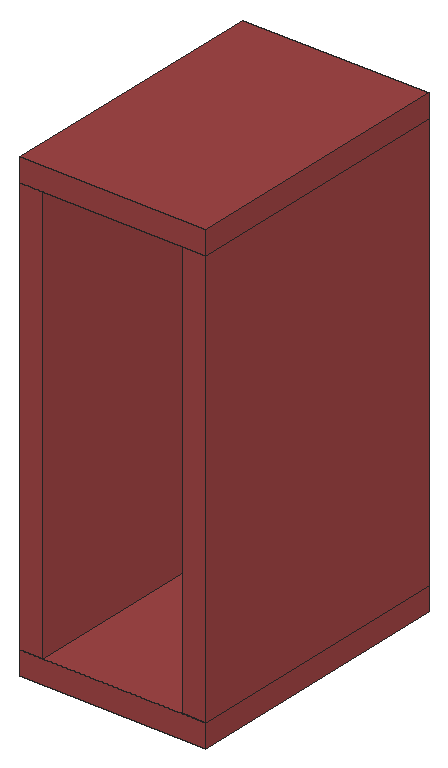
Revit family
Parameters
  profondità c = 600 mm
  materiale = Default
  larghezza c = 400 mm
  altezza cassettiera c = 1000 mm
Reference planes
  plane 1 "Centro (Fronte/Retro)": y = 0
  plane 2: z = 0
  plane 3 "Centro (Sinistra/Destra)": x = 0
  plane 4: x = -200
  plane 5: y = -300
  plane 6: y = 300
  plane 7: x = 200
  plane 8: z = 1000
  plane 9: z = 950
  plane 10: x = -150
  plane 11: y = 250
  plane 12: x = 150
  plane 13: z = 500
  plane 14: z = 50
Forms (mm)
  Extrusion 1, solid, material "Default" <- "materiale"
    sketch origin (0, 0, 0) x (1, 0, 0) y (0, 1, 0)
      loop
        line (-200, 300) -> (-200, -300) -> (200, -300) -> (200, 300) -> (-200, 300)
    from 950 to 1000
  Extrusion 2, solid, material "Default" <- "materiale"
    sketch origin (0, 0, 0) x (1, 0, 0) y (0, 1, 0)
      loop
        line (-200, 300) -> (-200, -300) -> (-150, -300) -> (-150, 300) -> (-200, 300)
    from 50 to 950
  Extrusion 3, solid, material "Default" <- "materiale"
    sketch origin (0, 0, 0) x (1, 0, 0) y (0, 1, 0)
      loop
        line (-150, 300) -> (-150, 250) -> (150, 250) -> (150, 300) -> (-150, 300)
    from 50 to 950
  Extrusion 4, solid, material "Default" <- "materiale"
    sketch origin (0, 0, 0) x (1, 0, 0) y (0, 1, 0)
      loop
        line (150, 300) -> (150, -300) -> (200, -300) -> (200, 300) -> (150, 300)
    from 50 to 950
  Extrusion 5, solid, material "Default" <- "materiale"
    sketch origin (0, 0, 0) x (1, 0, 0) y (0, 0, 1)
      loop
        line (-200, 50) -> (-200, 0) -> (200, 0) -> (200, 50) -> (-200, 50)
    from -300 to 300
Dimensions and locks
  "altezza cassettiera c": plane 8 to level
  "profondità c": plane 6 to plane 5
  "larghezza c": plane 4 to plane 7
  locked: plane 8 to plane 9 at 50
  locked: plane 10 to plane 4 at 50
  locked: plane 7 to plane 12 at 50
  locked: plane 14 to level at 50
  aligned and locked: plane 6 to Extrusion 1
  aligned and locked: Extrusion 1 to plane 5
  aligned and locked: plane 8 to Extrusion 1
  aligned and locked: plane 9 to Extrusion 1
  aligned and locked: plane 4 to Extrusion 2 sketch curve
  aligned and locked: Extrusion 3 sketch curve to Extrusion 1
  aligned and locked: Extrusion 3 sketch curve to plane 12
  aligned and locked: Extrusion 4 sketch curve to plane 6
  aligned and locked: Extrusion 4 sketch curve to Extrusion 1
  aligned and locked: plane 12 to Extrusion 4 sketch curve
  aligned and locked: plane 5 to Extrusion 4 sketch curve
  aligned and locked: Extrusion 2 to Extrusion 1
  aligned and locked: Extrusion 4 to Extrusion 1
  aligned and locked: Extrusion 3 to Extrusion 1
  aligned and locked: Extrusion 5 to plane 4
  aligned and locked: Extrusion 5 to Extrusion 3
  aligned and locked: plane 6 to Extrusion 5
  aligned and locked: Extrusion 5 to plane 5
  aligned and locked: Extrusion 3 to plane 11
  aligned and locked: Extrusion 1 to plane 8  (x2)
  aligned and locked: Extrusion 5 to level  (x2)
  aligned and locked: Extrusion 3 to plane 9
  aligned and locked: Extrusion 4 to plane 9
  aligned and locked: plane 7 to Extrusion 4
  aligned and locked: Extrusion 4 to plane 12
  aligned and locked: plane 10 to Extrusion 2
  aligned and locked: Extrusion 2 to plane 4
  aligned and locked: level to plane 2
  aligned and locked: Extrusion 1 to plane 9
  aligned and locked: plane 9 to Extrusion 4
  aligned and locked: Extrusion 2 to plane 9
Automatic sketch dimensions
  Extrusion 1 sketch curve to plane 4 = 0 mm
  plane 7 to Extrusion 1 sketch curve = 0 mm
  Extrusion 1 sketch curve to plane 5 = 0 mm
  Extrusion 1 sketch curve to plane 6 = 0 mm
  Extrusion 2 sketch curve to plane 5 = 0 mm
  plane 6 to Extrusion 2 sketch curve = 0 mm
  Extrusion 2 sketch curve to plane 10 = 0 mm
  Extrusion 3 sketch curve to plane 1 "Centro (Fronte/Retro)" = 250 mm
  Extrusion 3 sketch curve to plane 10 = 0 mm
  Extrusion 5 sketch curve to plane 4 = 0 mm
  plane 7 to Extrusion 5 sketch curve = 0 mm
  Extrusion 5 sketch curve to level = 0 mm
  Extrusion 5 sketch curve to plane 14 = 0 mm
